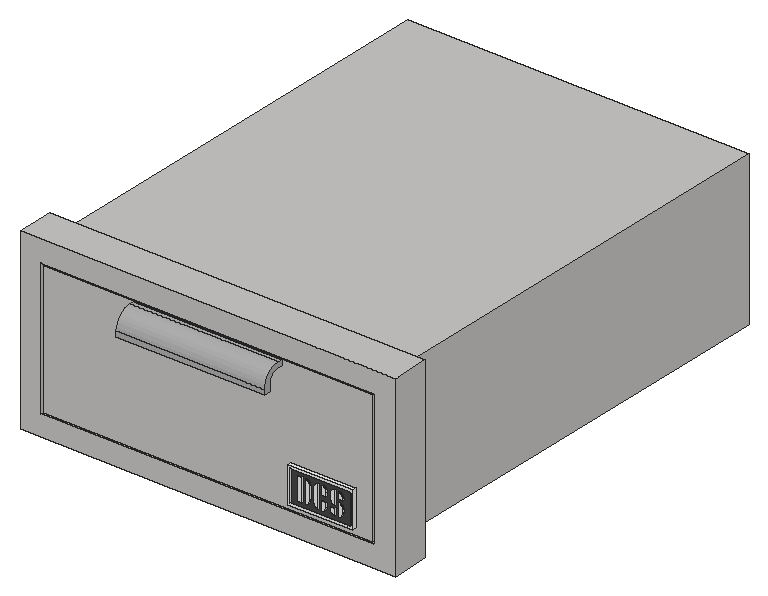
Revit family "DCS_Revit_18_TDS1-20_Storage_593518A", category Specialty Equipment, Revit 2018
Family settings
  Round Connector Dimension = Use Diameter
  Part Type = Normal
  OmniClass Number = 23.40.40.14.17.21
  OmniClass Title = Grills
  Work Plane-Based = No
  Always vertical = Yes
  Cut with Voids When Loaded = Yes
  Shared = No
  Room Calculation Point = No
Parameters (values of type "TDS1-20")
  Visibility - Clearance Required = yes
  URL = "www.dcsappliances.com"
  Product - Width = 516 mm  # constant formula
  Product - Height = 244 mm  # constant formula
  Product - Depth = 666 mm  # constant formula
  Model = "TDS1-20"
  Material - Handle = DCS - Aluminium
  Material - Body = DCS - Stainless Steel
  Manufacturer = "Fisher & Paykel"
  Keynote = ""
  Description = "Access Drawers Built-in"
  Chassis - Width = 469 mm  # constant formula
  Chassis - Height = 210 mm  # constant formula
  Chassis - Depth = 585 mm  # constant formula
  Cavity - Width = 480 mm  # constant formula
  Cavity - Height = 215 mm  # constant formula
  Cavity - Depth = 587 mm  # constant formula
Reference planes
  plane 1 "Center (Front/Back)": y = 0
  plane 2: z = 0
  plane 3 "Center (Left/Right)": x = 0
  plane 4 "Cavity - Height": z = 215
  plane 5 "Product LHS": x = -258
  plane 6 "Product RHS": x = 258
  plane 7 "Product - Depth": y = 585
  plane 8 "Cavity LHS": x = -240
  plane 9 "Cavity RHS": x = 240
  plane 10 "Cavity - Depth": y = 587
  plane 11 "Chassis LHS": x = -234.5
  plane 12 "Chassis RHS": x = 234.5
  plane 13 "Product - Height": z = 221
  plane 14 "Chassis - Height": z = 210
  plane 15 "Product - Lower": z = -23
  plane 16 "Handle": y = -81
Forms (mm)
  Extrusion 1, solid, material "DCS - Stainless Steel" <- "Material - Body"
    sketch origin (0, 0, 0) x (1, 0, 0) y (0, 0, 1)
      loop
        line (-258, 221) -> (-258, -23) -> (258, -23) -> (258, 221) -> (-258, 221)
      loop
        line (229.4, 5.6) -> (229.4, 192.4) -> (-229.4, 192.4) -> (-229.4, 5.6) -> (229.4, 5.6)
      loop
        line (-226.2, 8.8) -> (226.2, 8.8) -> (226.2, 189.2) -> (-226.2, 189.2) -> (-226.2, 8.8)
    from 0 to 51
  Extrusion 2, solid, material "DCS - Stainless Steel" <- "Material - Body"
    sketch origin (0, 0, 0) x (1, 0, 0) y (0, 0, 1)
      loop
        line (-234.5, 210) -> (-234.5, 0) -> (234.5, 0) -> (234.5, 210) -> (-234.5, 210)
    from -585 to 0
  Extrusion 3, solid, material "DCS - Aluminium" <- "Material - Handle"
    sketch origin (0, 0, 0) x (0, 1, 0) y (0, 0, 1)
      loop
        arc (-56.894, 189.2) -> (-73.941, 182.554) -> (-81.06, 165.7) r 23.509
        line (-81.06, 165.7) -> (-81.06, 159.019) -> (-72.17, 159.019) -> (-72.17, 173.389)
        arc (-72.17, 173.389) -> (-66.093, 179.834) -> (-57.56, 182.21) r 16.51
        line (-57.56, 182.21) -> (-51, 182.21) -> (-51, 189.2) -> (-56.894, 189.2)
    from -102 to 102
  Extrusion 4, solid, material "DCS - Clearance Required", visible <- "Visibility - Clearance Required", detail levels coarse
    sketch origin (0, 0, 0) x (0, 1, 0) y (0, 0, 1)
      loop
        line (0, 0) -> (587, 0) -> (587, 215) -> (0, 215) -> (0, 0)
    from -240 to 240
  Extrusion 5, void
    sketch origin (0, 0, 0) x (0, 1, 0) y (0, 0, 1)
      loop
        line (0, 0) -> (587, 0) -> (587, 215) -> (0, 215) -> (0, 0)
    from -240 to 240
  Extrusion 6, solid, material "DCS - Clearance Required", visible <- "Visibility - Clearance Required", detail levels coarse
    sketch origin (0, 0, 0) x (0, 1, 0) y (0, 0, 1)
      loop
        arc (-499.394, 189.2) -> (-514.233, 182.328) -> (-521, 167.442) r 23.509
        line (-521, 167.442) -> (-521, 159.083) -> (-491, 159.083) -> (-491, 8.8) -> (-51, 8.8) -> (-51, 189.2) -> (-491, 189.2) -> (-499.394, 189.2)
    from -226.2 to 226.2
Text (mm)
  text "Due to ongoing product development, product details are subject to change without notice. \nPlease always refer to www.fisherpaykel.com for the most current product information. \n© Fisher & Paykel Appliances Ltd 2020" at (40.13, -602.118, 0), in view "Ref. Level (Plan)"
Dimensions and locks
  equal spacing: plane 5 "Product LHS", plane 3 "Center (Left/Right)", plane 6 "Product RHS"
  "Product - Width": plane 5 "Product LHS" to plane 6 "Product RHS"
  equal spacing: plane 8 "Cavity LHS", plane 3 "Center (Left/Right)", plane 9 "Cavity RHS"
  "Cavity - Width": plane 8 "Cavity LHS" to plane 9 "Cavity RHS"
  "Cavity - Depth": plane 10 "Cavity - Depth" to plane 1 "Center (Front/Back)"
  "Cavity - Height": plane 4 "Cavity - Height" to level
  equal spacing: plane 11 "Chassis LHS", plane 3 "Center (Left/Right)", plane 12 "Chassis RHS"
  "Chassis - Width": plane 11 "Chassis LHS" to plane 12 "Chassis RHS"
  "Chassis - Height": plane 14 "Chassis - Height" to level
  locked: level to plane 15 "Product - Lower" at 23
  "Product - Height": plane 15 "Product - Lower" to plane 13 "Product - Height"
  plane 5 "Product LHS" to plane 6 "Product RHS" = 516 mm
  "Chassis - Depth": plane 7 "Product - Depth" to plane 1 "Center (Front/Back)"
  Extrusion 1 sketch curve to Extrusion 1 sketch curve = 28.6 mm
  Extrusion 1 sketch curve to Extrusion 1 sketch curve = 31.8 mm
  "Product - Depth": plane 7 "Product - Depth" to plane 16 "Handle"
  aligned and locked: level to plane 2
  aligned and locked: plane 12 "Chassis RHS" to Extrusion 2 sketch curve
  aligned and locked: level to Extrusion 2 sketch curve
  aligned and locked: Extrusion 2 sketch curve to plane 11 "Chassis LHS"
  aligned and locked: Extrusion 2 sketch curve to plane 14 "Chassis - Height"
  aligned and locked: plane 1 "Center (Front/Back)" to Extrusion 2
  aligned and locked: plane 7 "Product - Depth" to Extrusion 2
  aligned and locked: Extrusion 4 to plane 9 "Cavity RHS"
  aligned and locked: plane 8 "Cavity LHS" to Extrusion 4
  aligned and locked: plane 10 "Cavity - Depth" to Extrusion 4
  aligned and locked: plane 8 "Cavity LHS" to Extrusion 5
  aligned and locked: Extrusion 5 to plane 9 "Cavity RHS"
  aligned and locked: plane 10 "Cavity - Depth" to Extrusion 5
Automatic sketch dimensions
  Extrusion 4 sketch curve to plane 1 "Center (Front/Back)" = 0 mm
  Extrusion 4 sketch curve to plane 4 "Cavity - Height" = 0 mm
  Extrusion 4 sketch curve to plane 10 "Cavity - Depth" = 0 mm
  Extrusion 4 sketch curve to level = 0 mm
  Extrusion 5 sketch curve to plane 1 "Center (Front/Back)" = 0 mm
  Extrusion 5 sketch curve to plane 4 "Cavity - Height" = 0 mm
  Extrusion 5 sketch curve to plane 10 "Cavity - Depth" = 0 mm
  Extrusion 5 sketch curve to level = 0 mm
  Extrusion 3 sketch curve to Extrusion 3 sketch curve = 14.61 mm
  Extrusion 3 sketch curve to Extrusion 3 sketch curve = 0.009 mm
  Extrusion 3 sketch curve to Extrusion 3 sketch curve = 0.666 mm
  Extrusion 3 sketch curve to Extrusion 3 sketch curve = 6.56 mm
  level to Extrusion 3 sketch curve = 159.019 mm
  Extrusion 3 sketch curve to Extrusion 3 sketch curve = 6.681 mm
  Extrusion 3 sketch curve to Extrusion 3 sketch curve = 0 mm
  Extrusion 3 sketch curve to Extrusion 3 sketch curve = 7.689 mm
  plane 5 "Product LHS" to Extrusion 1 sketch curve = 0 mm
  plane 6 "Product RHS" to Extrusion 1 sketch curve = 0 mm
  Extrusion 1 sketch curve to plane 15 "Product - Lower" = 0 mm
  Extrusion 1 sketch curve to plane 13 "Product - Height" = 0 mm
  Extrusion 1 sketch curve to plane 11 "Chassis LHS" = 5.1 mm
  Extrusion 1 sketch curve to Extrusion 1 sketch curve = 3.2 mm  (x3)
  level to Extrusion 1 sketch curve = 5.6 mm
  plane 12 "Chassis RHS" to Extrusion 1 sketch curve = 8.3 mm
  plane 1 "Center (Front/Back)" to Extrusion 3 sketch curve = 81.06 mm
  Extrusion 3 sketch curve to Extrusion 3 sketch curve = 8.89 mm
  Extrusion 6 sketch curve to plane 14 "Chassis - Height" = 50.917 mm
  Extrusion 6 sketch curve to Extrusion 6 sketch curve = 21.606 mm
  Extrusion 6 sketch curve to Extrusion 6 sketch curve = 1.843 mm
  Extrusion 6 sketch curve to Extrusion 6 sketch curve = 6.551 mm
  Extrusion 6 sketch curve to Extrusion 6 sketch curve = 8.394 mm
  plane 16 "Handle" to Extrusion 6 sketch curve = 30 mm
  Extrusion 6 sketch curve to Extrusion 6 sketch curve = 6.681 mm
  Extrusion 6 sketch curve to Extrusion 6 sketch curve = 8.359 mm
  Extrusion 6 sketch curve to plane 16 "Handle" = 410 mm
  level to Extrusion 6 sketch curve = 8.8 mm
Nested families
  nested 1: "DCS Logo New Large" at (159.191, -51, 42.5), type "DCS Logo New Large"
Definition of nested family "DCS Logo New Large"
  Parameters (values of type "DCS Logo New Large")
    URL = "www.dcsappliances.com"
    Product - Width = 89.45 mm
    Product - Height = 49 mm
    Product - Depth = 6 mm
    Material - Logo = none
    Material - Body = none
    Manufacturer = "Fisher & Paykel Appliances"
  Reference planes
    plane 1 "Center (Front/Back)": y = 0
    plane 2: z = 0
    plane 3 "Center (Left/Right)": x = 0
    plane 4 "Product Top": z = 24.5
    plane 5 "Product LHS": x = -44.725
    plane 6 "Product RHS": x = 44.725
    plane 7 "Product - Depth": y = -6
    plane 8 "Product Bottom": z = -24.5
  Forms (mm)
    Extrusion 1, solid, material <- "Material - Logo", detail levels medium+fine
      sketch origin (0, 0, -0.347) x (1, 0, 0) y (0, 0, 1)
        loop
          line (-44.725, 24.847) -> (-44.725, -24.153) -> (44.725, -24.153) -> (44.725, 24.847) -> (-44.725, 24.847)
        loop
          line (-41.725, 21.847) -> (-41.725, -21.153) -> (41.725, -21.153) -> (41.725, 21.847) -> (-41.725, 21.847)
      from 0 to 6
    Extrusion 2, solid, material <- "Material - Body", detail levels medium+fine
      sketch origin (0, 0, 0) x (1, 0, 0) y (0, 0, 1)
        loop
          line (-41.725, 21.5) -> (-41.725, -21.5) -> (41.725, -21.5) -> (41.725, 21.5) -> (-41.725, 21.5)
      from 0 to 4.974
    Extrusion 3, solid, material <- "Material - Logo", detail levels fine
      sketch origin (0, 0, 0) x (1, 0, 0) y (0, 0, 1)
        loop
          line (-31.141, 15.364) -> (-31.141, -15.364) -> (-25.323, -15.364) -> (-25.323, 15.364) -> (-31.141, 15.364)
        loop
          arc (-20.07, -15.416) -> (-15.93, -13.415) -> (-14.252, -9.134) r 6.301
          line (-14.252, -9.134) -> (-14.252, 9.134)
          arc (-14.252, 9.134) -> (-15.93, 13.414) -> (-20.07, 15.412) r 6.296
          line (-20.07, 15.412) -> (-20.07, -15.416)
        loop
          arc (-8.445, -9.134) -> (-6.767, -13.414) -> (-2.627, -15.412) r 6.296
          line (-2.627, -15.412) -> (-2.627, 15.416)
          arc (-2.627, 15.416) -> (-6.767, 13.415) -> (-8.445, 9.134) r 6.301
          line (-8.445, 9.134) -> (-8.445, -9.134)
        loop
          arc (2.627, -15.377) -> (6.765, -13.401) -> (8.445, -9.134) r 6.259
          line (8.445, -9.134) -> (8.445, -4.011) -> (2.627, -4.011) -> (2.627, -15.377)
        loop
          arc (8.445, 9.134) -> (6.767, 13.414) -> (2.627, 15.412) r 6.296
          line (2.627, 15.412) -> (2.627, 4.011) -> (8.445, 4.011) -> (8.445, 9.134)
        loop
          line (20.07, -2.527) -> (20.07, 15.375)
          arc (20.07, 15.375) -> (15.932, 13.4) -> (14.252, 9.134) r 6.257
          line (14.252, 9.134) -> (14.252, 4.145)
          arc (14.252, 4.145) -> (16.005, -0.199) -> (20.07, -2.527) r 7.155
        loop
          line (14.252, -6.875) -> (14.252, -9.134)
          arc (14.252, -9.134) -> (15.93, -13.414) -> (20.07, -15.412) r 6.296
          line (20.07, -15.412) -> (20.07, -6.875) -> (14.252, -6.875)
        loop
          line (25.323, 2.499) -> (25.323, -15.378)
          arc (25.323, -15.378) -> (29.461, -13.401) -> (31.141, -9.134) r 6.259
          line (31.141, -9.134) -> (31.141, -4.145)
          arc (31.141, -4.145) -> (29.481, 0.271) -> (25.323, 2.499) r 6.702
        loop
          line (25.323, 6.875) -> (31.141, 6.875) -> (31.141, 9.134)
          arc (31.141, 9.134) -> (29.464, 13.419) -> (25.323, 15.427) r 6.313
          line (25.323, 15.427) -> (25.323, 6.875)
      from 4.974 to 6
  Dimensions and locks
    plane 7 "Product - Depth" to plane 1 "Center (Front/Back)" = 6 mm
    equal spacing: Extrusion 1 sketch curve, plane 3 "Center (Left/Right)", Extrusion 1 sketch curve
    "Product - Depth": plane 7 "Product - Depth" to plane 1 "Center (Front/Back)"
    equal spacing: plane 4 "Product Top", level, plane 8 "Product Bottom"
    "Product - Height": plane 4 "Product Top" to plane 8 "Product Bottom"
    equal spacing: plane 5 "Product LHS", plane 3 "Center (Left/Right)", plane 6 "Product RHS"
    "Product - Width": plane 5 "Product LHS" to plane 6 "Product RHS"
    aligned and locked: level to plane 2
    aligned and locked: Extrusion 1 to plane 7 "Product - Depth"
    aligned and locked: Extrusion 3 to plane 7 "Product - Depth"
    aligned and locked: plane 6 "Product RHS" to Extrusion 1 sketch curve
    aligned and locked: Extrusion 1 sketch curve to plane 4 "Product Top"
    aligned and locked: plane 8 "Product Bottom" to Extrusion 1 sketch curve
    aligned and locked: Extrusion 1 sketch curve to plane 5 "Product LHS"
    aligned and locked: Extrusion 2 sketch curve to Extrusion 1  (x4)
  Automatic sketch dimensions
    Extrusion 3 sketch curve to plane 5 "Product LHS" = 13.584 mm
    Extrusion 3 sketch curve to Extrusion 3 sketch curve = 5.818 mm  (x5)
    Extrusion 3 sketch curve to Extrusion 3 sketch curve = 4.771 mm
    Extrusion 3 sketch curve to Extrusion 3 sketch curve = 4.775 mm
    Extrusion 3 sketch curve to Extrusion 3 sketch curve = 6.296 mm
    Extrusion 3 sketch curve to Extrusion 3 sketch curve = 5.807 mm  (x3)
    Extrusion 3 sketch curve to plane 3 "Center (Left/Right)" = 2.627 mm
    Extrusion 3 sketch curve to plane 3 "Center (Left/Right)" = 2.149 mm
    Extrusion 3 sketch curve to plane 3 "Center (Left/Right)" = 2.144 mm
    plane 3 "Center (Left/Right)" to Extrusion 3 sketch curve = 2.148 mm
    plane 3 "Center (Left/Right)" to Extrusion 3 sketch curve = 2.186 mm
    plane 3 "Center (Left/Right)" to Extrusion 3 sketch curve = 2.627 mm  (x2)
    Extrusion 3 sketch curve to level = 2.527 mm
    Extrusion 3 sketch curve to Extrusion 3 sketch curve = 0 mm  (x3)
    Extrusion 3 sketch curve to Extrusion 3 sketch curve = 0.439 mm
    Extrusion 3 sketch curve to Extrusion 3 sketch curve = 0.478 mm
    level to Extrusion 3 sketch curve = 4.504 mm
    Extrusion 3 sketch curve to Extrusion 3 sketch curve = 0.889 mm
    Extrusion 3 sketch curve to Extrusion 3 sketch curve = 4.369 mm
    Extrusion 3 sketch curve to Extrusion 3 sketch curve = 4.32 mm
    Extrusion 3 sketch curve to Extrusion 3 sketch curve = 4.334 mm
    Extrusion 3 sketch curve to Extrusion 3 sketch curve = 5.254 mm  (x3)
    Extrusion 3 sketch curve to Extrusion 3 sketch curve = 6.702 mm
    Extrusion 3 sketch curve to level = 4.011 mm
    Extrusion 3 sketch curve to level = 4.145 mm
    Extrusion 3 sketch curve to Extrusion 3 sketch curve = 2.865 mm
    Extrusion 3 sketch curve to Extrusion 3 sketch curve = 4.989 mm
    Extrusion 3 sketch curve to Extrusion 3 sketch curve = 5.123 mm  (x2)
    Extrusion 3 sketch curve to Extrusion 3 sketch curve = 2.259 mm  (x2)
    Extrusion 3 sketch curve to level = 9.134 mm
    Extrusion 3 sketch curve to Extrusion 3 sketch curve = 6.23 mm  (x2)
    level to Extrusion 3 sketch curve = 4.011 mm
    level to Extrusion 3 sketch curve = 6.875 mm
    level to Extrusion 3 sketch curve = 9.134 mm
    Extrusion 3 sketch curve to Extrusion 3 sketch curve = 4.63 mm
    Extrusion 1 sketch curve to plane 5 "Product LHS" = 3 mm
    Extrusion 1 sketch curve to plane 4 "Product Top" = 3 mm
    plane 8 "Product Bottom" to Extrusion 1 sketch curve = 3 mm
